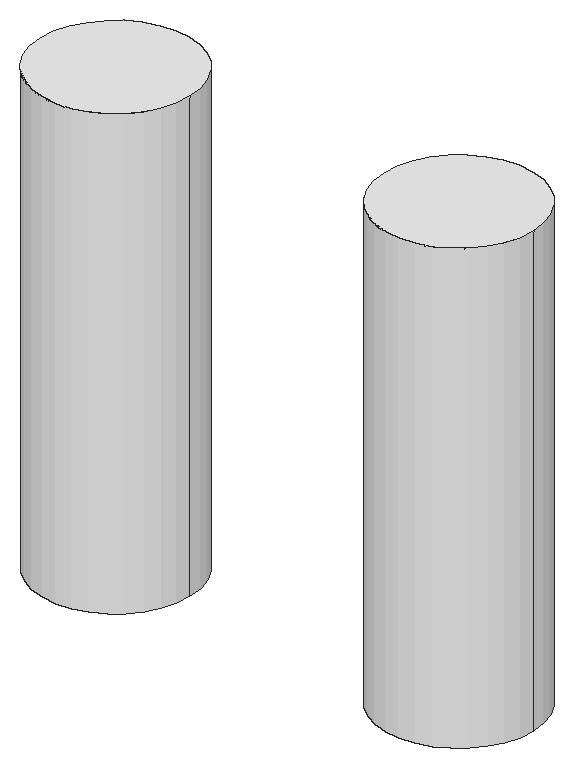
Revit family "523722673305(2023)", category Plumbing Fixtures, Revit 2020
Family settings
  Round Connector Dimension = Use Diameter
  Part Type = Normal
  OmniClass Number = 23.45.55.00
  OmniClass Title = Sanitary Faucets, Wastes
  Work Plane-Based = No
  Always vertical = Yes
  Cut with Voids When Loaded = No
  Shared = No
  Room Calculation Point = No
Parameters (values of type "523722673305 Washbasin faucet")
  Working Pressure = "50 - 1000 kPa"
  WarrantyStartDate [instance] = "n/a"
  WarrantyGuarantorParts = "n/a"
  WarrantyGuarantorLabor = "n/a"
  WarrantyDurationUnit = "Year"
  WarrantyDurationParts = "n/a"
  WarrantyDurationLabor = "n/a"
  WarrantyDescription = "http://warranty.hansa.com"
  Warranty Information URL = "http://warranty.hansa.com"
  VersionDate = "17/01/2024"
  Version = "1"
  ValvePattern = "n/a"
  ValveOperation = "n/a"
  ValveMechanism = "n/a"
  Uniclass2015Reference = "Pr_40_20_87_96"
  Uniclass2015Description = "Washbasin manual water supply sets"
  Uniclass2 = "Pr_40_30_96_96"
  URL UWL = "http://static.hansa.com/UWL/523722673305"
  URL REACH = "http://static.hansa.com/doc/reach"
  URL Materials Declaration = "http://www.hansa.com/fileadmin/resources/185579_523722673305_materialsdeclaration.pdf"
  URL EcoLabel Declaration = "http://static.hansa.com/doc/EcoLabel"
  URL EU Packaging Declaration = "http://static.hansa.com/doc/packaging"
  URL Declaration of SCIP = "http://static.hansa.com/doc/SCIP"
  URL Declaration of Conformity = "http://static.hansa.com/DoC/523722673305"
  URL Declaration of Asbestos = "http://static.hansa.com/doc/asbestos"
  URL Declaration Of Performance (DOP) = "http://static.hansa.com/doc/DoP"
  URL = ""
  UNSPSC Class Number = "30181700 Faucets or taps"
  Type Comments = ""
  TestPressure = "n/a"
  Temperature Adjustments = "Limitation option for maximum temperature and flow-rate "
  Technical DataSheet URL = "http://www.hansa.com/datasheet/523722673305/en"
  TagNumber [instance] = "n/a"
  SustainabilityPerformance = "n/a"
  Surface treatment = "Matt black"
  Spout Type = "Fixed spout"
  Spout Projection = "114 mm"
  Size = "50x150x190 mm"
  Shape = "Sculptured"
  SerialNumber [instance] = "n/a"
  Sales Package dimensions (LxWxH) = "380 x 180 x 74"
  Revision = "n/a"
  ReplacementCost = "n/a"
  ProductInformation = "n/a"
  Product URL = "http://static.hansa.com/523722673305"
  Product Image URL = "http://static.hansa.com/image/523722673305"
  Product Family = "HANSAVANTIS "
  Product Code = "523722673305"
  OperatingMechanismMaterial = "n/a"
  NominalWidth = 46.441 mm
  NominalHeight = 188.5 mm
  NominalDepth = 148.37 mm
  Noise Class = "I (ISO 3822)"
  Name_en = "523722673305 Washbasin faucet"
  Name = "523722673305 Washbasin faucet"
  NBSReference = "45-35-70/371"
  NBSDescription = "Water supply fittings for wash basins and troughs"
  ModelReference = "523722673305"
  ModelNumber = "n/a"
  Model = "523722673305 Washbasin faucet"
  Mobile Product Information URL = "http://mpi.hansa.com/523722673305"
  Mechanical Parts = "30Cartridge"
  Max. Hot Water Supply = 70 °C
  Material = "Brass"
  Market = "International;Germany;Austria;Belgium;Netherlands;Czech Republic;Slovakia;Italy"
  ManufacturerURL = "http://www.hansa.com"
  ManufacturerName = "HANSA"
  Manufacturer = "HANSA"
  Lever Handle = "Single operating lever/handle;Pin shape;Hot/Cold symbols"
  Keynote = ""
  Interactive AR View URL = "https://static.hansa.com/AR/523722673305"
  InstallationDate [instance] = "n/a"
  Installation and Maintenance Guide URL = "http://static.hansa.com/manual/523722673305"
  Installation Type = "Deck mounted"
  InletConnectionSize = 10 mm
  IfcExportType = "FAUCET"  # constant formula
  IfcExportAs = "IfcValveType"  # constant formula
  Group = "Washbasin faucet"
  Grade = "n/a"
  FlowCoefficient = 0
  Flow Rate At 300kPa With Flow Controller = 0.07 L/s
  Flow Drawing URL = "http://static.hansa.com/flowchart/523722673305"
  Finish = "Polished"
  Features = "Single-lever"
  FaucetMainMaterial = Brass
  FDV Document URL = "http://www.hansa.com/datasheet/523722673305/en/fdv"
  ExpectedLife = "n/a"
  ETIM Class Number = "EC011328 Washbasin mixing tap"
  EN Standard = "EN 817"
  EAN Number = "4057304020094"
  DurationUnit = "Year"
  Dimension Drawing URL = "http://static.hansa.com/dimdrw/523722673305"
  Description = ""
  DefaultElevation [instance] = 900 mm
  Default Elevation = 0 mm
  Constituents = "n/a"
  Connection Size = "G3/8"
  Connection = "Flexible inlet pipes"
  Color = "Matt black"
  CodePerformance = "n/a"
  CloseOffRating = 0
  Catalog Drawing URL = "http://static.hansa.com/catdrw/523722673305"
  Brand = "HANSA"
  BodyMaterial = "Brass"
  Barcode [instance] = "n/a"
  Backflow Prevention EN1717 = "AA"
  BIMObjectName = "523722673305(2023)"
  Author = "BIMStone"
  AssetType = "Fixed"
  AssetIdentifier [instance] = "n/a"
  Aerator = "PCA® - constant flow rate regardless of pressure variations"
  Advanced Features = "Inner body made of DZR brass;3S-installation system for safe and simple mounting"
  AccessibilityPerformance = "n/a"
  3D View = "https://static.hansa.com/AR/523722673305"
  2D/3D/BIM Files URL = "http://static.hansa.com/bim/523722673305"
Reference planes
  plane 1 "Center (Front/Back)": y = 0
  plane 2: z = 0
  plane 3 "Center (Left/Right)": x = 0
  plane 4: x = -23.22
  plane 5: z = 900
  plane 6: z = 870
  plane 7: y = -148.37
  plane 8: x = 23.22
  plane 9: z = 1088.5
Forms (mm)
  Extrusion 1, solid, material "Brass" <- "FaucetMainMaterial"
    sketch origin (0, -0.77, 0) x (1, 0, 0) y (0, 1, 0)
      loop
        circle (-11.5, -22.5) r 5
      loop
        circle (11.5, -22.5) r 5
    from 870 to 900
Dimensions and locks
  "DefaultElevation": plane 5 to level
  locked: plane 5 to plane 6 at 30
  "NominalDepth": plane 7 to plane 1 "Center (Front/Back)"
  equal spacing: plane 4, plane 3 "Center (Left/Right)", plane 8
  "NominalHeight": plane 9 to plane 5
  "NominalWidth": plane 4 to plane 8
  "InletConnectionSize": diameter of Extrusion 1 sketch curve  (x2)
  aligned and locked: level to plane 2
  aligned and locked: plane 5 to Extrusion 1
  aligned and locked: Extrusion 1 to plane 6
  aligned and locked: plane 3 "Center (Left/Right)" to nested 1
  aligned and locked: plane 1 "Center (Front/Back)" to nested 1
  aligned and locked: plane 5 to nested 2
  aligned and locked: plane 9 to nested 2
Automatic sketch dimensions
  Extrusion 1 sketch curve to plane 3 "Center (Left/Right)" = 11.5 mm
  plane 3 "Center (Left/Right)" to Extrusion 1 sketch curve = 11.5 mm
  plane 1 "Center (Front/Back)" to Extrusion 1 sketch curve = 23.27 mm  (x2)
Nested families
  nested 1: "Symbol" at (0, 0, 0), type "Symbol", detail levels coarse
  nested 2: "523722673305(2023)_Body" at (0, 0, 900), main material <- "FaucetMainMaterial", type "523722673305(2023)"
    with main material Brass
Connectors
  piping at (-11.5, -23.27, 870), diameter 10, driven by "InletConnectionSize"
    settings: on Extrusion 1, index 1, connector inside diameter 609.6 mm, connector length 0 mm, flow factor 0, pipe flow 0.2 L/s, pressure drop 0.0 Pa, fitting loss kfactor 0, connector angle 0.00°, fixture units 0, engagement length 0 mm, angle of deflection 0.00°, flow configuration 1, flow direction 1, fitting loss method 0, system type 19, joint type 0, gender type 0, connector reference index -1, connector utility 0, adjustable connector no, is connector primary yes, connector description ""
  piping at (11.5, -23.27, 870), diameter 10, driven by "InletConnectionSize"
    settings: on Extrusion 1, index 2, connector inside diameter 609.6 mm, connector length 0 mm, flow factor 0, pipe flow 0.2 L/s, pressure drop 0.0 Pa, fitting loss kfactor 0, connector angle 0.00°, fixture units 0, engagement length 0 mm, angle of deflection 0.00°, flow configuration 1, flow direction 1, fitting loss method 0, system type 20, joint type 0, gender type 0, connector reference index -1, connector utility 0, adjustable connector no, is connector primary no, connector description ""
Definition of nested family "Symbol"
  Reference planes
    plane 1: y = 0
    plane 2: x = 0
  Lines and regions (mm)
    detail lines
      curve 1: line (0, 0, 0) -> (0, -1.8, 0)
      curve 2: line (-0.4, -1.1, 0) -> (0.4, -1.1, 0)
      curve 3: line (-0.4, -1.4, 0) -> (0.4, -1.4, 0)
      curve 4: line (0.863, 0, 0) -> (-0.863, 0, 0)
      curve 5: circle (-1.163, 0, 0) r 0.3 normal (0, 0, -1)
      curve 6: circle (1.163, 0, 0) r 0.3 normal (0, 0, 1)
Definition of nested family "523722673305(2023)_Body"
  Parameters (values of type "2605AF(2022).p")
    main material [instance] = none
    Default Elevation = 0 mm
  Types (2): name
    2605AF(2022).p
    2605F(2022)Body
  Reference planes
    plane 1 "Center (Front/Back)": y = 0
    plane 2: z = 0
    plane 3 "Center (Left/Right)": x = 0
    plane 4: x = -23.265
    plane 5: x = 23.265
    plane 6: y = -148.456
    plane 7: z = 188.5
  Forms (mm)
    Revolve 1, solid, material <- "main material", detail levels medium
      sketch origin (0, 0, 0) x (0, 1, 0) y (0, 0, 1)
        loop
          line (-23.384, 188.5) -> (-23.384, 0) -> (0, 0) -> (0, 188.5) -> (-23.384, 188.5)
        axis (-23.384, 0) -> (-23.384, 188.5)
      angle from 0 to 360
    Revolve 2, solid, material <- "main material", detail levels medium
      sketch origin (0, 0, 2.5) x (0, 1, 0) y (0, 0, 1)
        loop
          line (-37.153, 125.674) -> (-41.564, 142.137) -> (-148.456, 109.457) -> (-143.476, 93.168) -> (-37.153, 125.674)
        axis (-36.585, 125.848) -> (-143.476, 93.168)
      angle from 0 to 360
    Extrusion 3, solid, material <- "main material", detail levels medium
      sketch origin (0, 0, 0) x (0, 1, 0) y (0, 0, 1)
        loop
          line (-110.885, 178.5) -> (-35.885, 178.5) -> (-35.885, 188.5) -> (-110.885, 188.5) -> (-110.885, 178.5)
      from -4.796 to 4.796
    Extrusion 4, solid, material <- "main material", detail levels coarse
      sketch origin (0, 0, 0) x (0, 1, 0) y (0, 0, 1)
        loop
          line (-148.456, 188.5) -> (-148.456, 0) -> (0, 0) -> (0, 188.5) -> (-148.456, 188.5)
      from -23.265 to 23.265
  Lines and regions (mm)
    symbolic lines, detail levels medium+fine
      curve 1: arc (0, 0, 0) -> (-20.142, -11.621, 0) -> (-20.161, -34.875, 0) r 23.265
      curve 2: line (-16.6, -53.181, 0) -> (-15.333, -133.171, 0)
      curve 3: arc (-15.333, -133.171, 0) -> (-10.842, -144.013, 0) -> (0, -148.503, 0) r 15.333
      curve 8: arc (-20.161, -34.875, 0) -> (-17.572, -43.871, 0) -> (-16.6, -53.181, 0) r 53.155
      curve 11: arc (0, 0, 0) -> (20.142, -11.621, 0) -> (20.161, -34.875, 0) r 23.265
      curve 12: line (16.6, -53.181, 0) -> (15.333, -133.171, 0)
      curve 13: arc (15.333, -133.171, 0) -> (10.842, -144.013, 0) -> (0, -148.503, 0) r 15.333
      curve 18: arc (20.161, -34.875, 0) -> (17.572, -43.871, 0) -> (16.6, -53.181, 0) r 53.155
      curve 67: line (0, 0, 0) -> (0, 0, 148.422)
      curve 68: arc (0, 0, 148.422) -> (0, -0.189, 148.851) -> (0, -0.634, 149) r 0.58
      curve 69: line (0, -0.634, 149) -> (0, -1.605, 149)
      curve 70: arc (0, -1.386, 149.269) -> (0, -2.584, 153.338) -> (0, -4.549, 157.097) r 21.749
      curve 71: arc (0, -1.605, 149) -> (0, -1.433, 149.083) -> (0, -1.386, 149.269) r 0.226
      curve 75: arc (0, -46.219, 150.976) -> (0, -46.536, 151.107) -> (0, -46.667, 151.423) r 0.447
      curve 76: arc (0, -44.968, 150.976) -> (0, -45.2, 150.13) -> (0, -45.354, 149.266) r 9.554
      curve 77: arc (0, -45.354, 149.266) -> (0, -45.306, 149.089) -> (0, -45.146, 149) r 0.236
      curve 78: line (0, -4.549, 157.097) -> (0, -0.332, 158.467)
      curve 79: arc (0, -0.332, 158.467) -> (0, -0.099, 158.632) -> (0, 0, 158.9) r 0.482
      curve 80: line (0, 0, 158.9) -> (0, 0, 187.012)
      curve 81: arc (0, 0, 187.012) -> (0, -0.456, 188.084) -> (0, -1.545, 188.5) r 1.489
      curve 82: line (0, -1.545, 188.5) -> (0, -108.914, 188.5)
      curve 83: spline (0, -108.914, 188.5) -> (0, -109.424, 188.323) -> (0, -109.9, 187.802) -> (0, -110.308, 186.974) -> (0, -110.621, 185.896) -> (0, -110.818, 184.639) -> (0, -110.885, 183.291) -> (0, -110.818, 181.943) -> (0, -110.621, 180.687) -> (0, -110.308, 179.608) -> (0, -109.9, 178.78) -> (0, -109.424, 178.26) -> (0, -108.914, 178.083)
      curve 84: line (0, -108.914, 178.083) -> (0, -51.936, 178.083)
      curve 85: arc (0, -51.936, 178.083) -> (0, -50.333, 177.962) -> (0, -48.766, 177.604) r 10.739
      curve 86: arc (0, -48.766, 177.604) -> (0, -47.549, 176.822) -> (0, -46.912, 175.524) r 2.695
      curve 87: arc (0, -46.912, 175.524) -> (0, -46.677, 173.915) -> (0, -46.573, 172.292) r 20.244
      curve 88: line (0, -46.573, 172.292) -> (0, -46.667, 151.423)
      curve 89: line (0, 0, 0) -> (0, -46.54, 0)
      curve 90: line (0, -46.54, 0) -> (0, -46.54, 90)
      curve 91: arc (0, -46.54, 90) -> (0, -51.18, 99.962) -> (0, -61.791, 102.82) r 13.014
      curve 92: line (0, -61.791, 102.82) -> (0, -118.241, 89.229)
      curve 93: arc (0, -118.241, 89.229) -> (0, -120.573, 89.113) -> (0, -122.786, 89.857) r 6.285
      curve 94: line (0, -122.786, 89.857) -> (0, -124.622, 91.346)
      curve 95: line (0, -124.622, 91.346) -> (0, -125.518, 89.999)
      curve 96: line (0, -125.518, 89.999) -> (0, -126.351, 90.553)
      curve 97: line (0, -126.351, 90.553) -> (0, -128.478, 87.353)
      curve 98: line (0, -128.478, 87.353) -> (0, -146.821, 99.547)
      curve 99: line (0, -146.821, 99.547) -> (0, -144.608, 102.876)
      curve 100: line (0, -144.608, 102.876) -> (0, -145.446, 103.433)
      curve 101: line (0, -145.446, 103.433) -> (0, -143.098, 106.966)
      curve 102: line (0, -143.098, 106.966) -> (0, -147.859, 110.961)
      curve 103: arc (0, -147.859, 110.961) -> (0, -148.317, 111.572) -> (0, -148.456, 112.323) r 1.677
      curve 104: arc (0, -148.456, 112.323) -> (0, -148.012, 113.267) -> (0, -147.031, 113.621) r 1.363
      curve 105: line (0, -147.031, 113.621) -> (0, -56.938, 137.762)
      curve 106: arc (0, -56.938, 137.762) -> (0, -51.208, 140.745) -> (0, -47.275, 145.87) r 14.923
      curve 107: arc (0, -46.219, 149) -> (0, -46.551, 148.878) -> (0, -46.725, 148.571) r 0.513
      curve 108: arc (0, -47.275, 145.87) -> (0, -46.841, 147.188) -> (0, -46.725, 148.571) r 5.91
      curve 112: line (0, -45.146, 149) -> (0, -46.219, 149)
      curve 113: line (0, -44.968, 150.976) -> (0, -46.219, 150.976)
    symbolic lines, detail levels fine
      curve 4: line (0, -110.885, 0) -> (-3.25, -110.885, 0)
      curve 5: arc (-3.25, -110.885, 0) -> (-4.651, -110.305, 0) -> (-5.231, -108.904, 0) r 1.981
      curve 6: line (-5.231, -108.904, 0) -> (-5.231, -53.904, 0)
      curve 7: arc (-5.231, -53.904, 0) -> (-6.961, -47.755, 0) -> (-11.642, -43.408, 0) r 11.797
      curve 9: arc (-20.161, -34.875, 0) -> (-16.464, -39.703, 0) -> (-11.642, -43.408, 0) r 23.265
      curve 10: arc (-11.642, -43.408, 0) -> (-6.027, -45.736, 0) -> (0, -46.531, 0) r 23.265
      curve 14: line (0, -110.885, 0) -> (3.25, -110.885, 0)
      curve 15: arc (3.25, -110.885, 0) -> (4.651, -110.305, 0) -> (5.231, -108.904, 0) r 1.981
      curve 16: line (5.231, -108.904, 0) -> (5.231, -53.904, 0)
      curve 17: arc (5.231, -53.904, 0) -> (6.961, -47.755, 0) -> (11.642, -43.408, 0) r 11.797
      curve 19: arc (20.161, -34.875, 0) -> (16.464, -39.703, 0) -> (11.642, -43.408, 0) r 23.265
      curve 20: arc (11.642, -43.408, 0) -> (6.027, -45.736, 0) -> (0, -46.531, 0) r 23.265
      curve 72: line (0, -4.549, 157.097) -> (0, -21.953, 151.442)
      curve 73: arc (0, -21.953, 151.442) -> (0, -23.41, 151.093) -> (0, -24.903, 150.976) r 9.533
      curve 74: line (0, -24.903, 150.976) -> (0, -44.968, 150.976)
      curve 109: arc (0, -46.54, 90) -> (0, -34.369, 118.249) -> (0, -35.071, 149) r 72.149
      curve 110: line (0, -1.605, 149) -> (0, -35.071, 149)
      curve 111: line (0, -35.071, 149) -> (0, -45.146, 149)
      curve 114: line (0, -126.351, 90.553) -> (0, -144.608, 102.876)
      curve 115: line (0, -143.098, 106.966) -> (0, -124.622, 91.346)
    symbolic lines
      curve 21: line (0, 0, 0) -> (-23.265, 0, 0)
      curve 22: line (-23.265, 0, 0) -> (-23.265, 0, 148.417)
      curve 23: arc (-23.265, 0, 148.417) -> (-23.118, 0, 148.806) -> (-22.75, 0, 149) r 0.588
      curve 24: line (-22.75, 0, 149) -> (-21.775, 0, 149)
      curve 25: line (-21.997, 0, 149.266) -> (-21.554, 0, 151.039)
      curve 26: arc (-21.775, 0, 149) -> (-21.954, 0, 149.077) -> (-21.997, 0, 149.266) r 0.214
      curve 27: line (-21.554, 0, 151.039) -> (0, 0, 151.039)
      curve 28: line (-21.554, 0, 151.039) -> (-22.795, 0, 151.039)
      curve 29: arc (-22.795, 0, 151.039) -> (-23.159, 0, 151.207) -> (-23.265, 0, 151.594) r 0.477
      curve 30: line (-23.265, 0, 151.594) -> (-23.265, 0, 187)
      curve 31: arc (-23.265, 0, 187) -> (-22.81, 0, 188.076) -> (-21.721, 0, 188.5) r 1.501
      curve 32: line (-21.721, 0, 188.5) -> (0, 0, 188.5)
      curve 33: arc (0, 0, 188.5) -> (-5.5, 0, 183) -> (0, 0, 177.5) r 5.5
      curve 34: arc (0, 0, 186.59) -> (-3.284, 0, 183.306) -> (0, 0, 180.023) r 3.284
      curve 35: arc (-11.549, 0, 188.5) -> (-10.096, 0, 177.413) -> (0, 0, 172.604) r 11.706
      curve 36: line (-15.281, 0, 102.555) -> (-16.268, 0, 120.327)
      curve 37: arc (-16.268, 0, 120.327) -> (-11.822, 0, 132.35) -> (0, 0, 137.309) r 16.091
      curve 38: arc (-11.829, 0, 93.398) -> (-14.259, 0, 97.711) -> (-15.281, 0, 102.555) r 16.29
      curve 39: spline (0, 0, 100.894) -> (-3.065, 0, 100.65) -> (-5.921, 0, 99.934) -> (-8.373, 0, 98.795) -> (-10.255, 0, 97.31) -> (-11.438, 0, 95.582) -> (-11.841, 0, 93.727) -> (-11.438, 0, 91.872) -> (-10.255, 0, 90.143) -> (-8.373, 0, 88.659) -> (-5.921, 0, 87.52) -> (-3.065, 0, 86.804) -> (0, 0, 86.56)
      curve 40: arc (-15.281, 0, 102.555) -> (-9.637, 0, 110.781) -> (0, 0, 113.36) r 14.389
      curve 41: line (0, 0, 0) -> (23.265, 0, 0)
      curve 42: line (23.265, 0, 0) -> (23.265, 0, 148.417)
      curve 43: arc (23.265, 0, 148.417) -> (23.118, 0, 148.806) -> (22.75, 0, 149) r 0.588
      curve 44: line (22.75, 0, 149) -> (21.785, 0, 149)
      curve 45: line (21.997, 0, 149.266) -> (21.554, 0, 151.039)
      curve 46: line (21.554, 0, 151.039) -> (0, 0, 151.039)
      curve 47: line (21.554, 0, 151.039) -> (22.795, 0, 151.039)
      curve 48: arc (22.795, 0, 151.039) -> (23.159, 0, 151.207) -> (23.265, 0, 151.594) r 0.477
      curve 49: line (23.265, 0, 151.594) -> (23.265, 0, 187)
      curve 50: arc (23.265, 0, 187) -> (22.81, 0, 188.076) -> (21.721, 0, 188.5) r 1.501
      curve 51: line (21.721, 0, 188.5) -> (0, 0, 188.5)
      curve 52: arc (0, 0, 188.5) -> (5.5, 0, 183) -> (0, 0, 177.5) r 5.5
      curve 53: arc (0, 0, 186.59) -> (3.284, 0, 183.306) -> (0, 0, 180.023) r 3.284
      curve 54: arc (11.549, 0, 188.5) -> (10.096, 0, 177.413) -> (0, 0, 172.604) r 11.706
      curve 55: line (15.281, 0, 102.555) -> (16.268, 0, 120.327)
      curve 56: arc (16.268, 0, 120.327) -> (11.822, 0, 132.35) -> (0, 0, 137.309) r 16.091
      curve 57: arc (11.829, 0, 93.398) -> (14.259, 0, 97.711) -> (15.281, 0, 102.555) r 16.29
      curve 58: spline (0, 0, 100.894) -> (3.065, 0, 100.65) -> (5.921, 0, 99.934) -> (8.373, 0, 98.795) -> (10.255, 0, 97.31) -> (11.438, 0, 95.582) -> (11.841, 0, 93.727) -> (11.438, 0, 91.872) -> (10.255, 0, 90.143) -> (8.373, 0, 88.659) -> (5.921, 0, 87.52) -> (3.065, 0, 86.804) -> (0, 0, 86.56)
      curve 59: arc (15.281, 0, 102.555) -> (9.637, 0, 110.781) -> (0, 0, 113.36) r 14.389
      curve 60: arc (21.785, 0, 149) -> (21.957, 0, 149.081) -> (21.997, 0, 149.266) r 0.214
      curve 61: line (-21.775, 0, 149) -> (0, 0, 149)
      curve 62: line (21.785, 0, 149) -> (0, 0, 149)
      curve 63: arc (-17.488, 0, 97.615) -> (0.012, 0, 80.115) -> (17.512, 0, 97.615) r 17.5
      curve 64: line (-17.488, 0, 97.615) -> (-17.488, 0, 127.615)
      curve 65: line (17.512, 0, 97.615) -> (17.512, 0, 127.615)
      curve 66: arc (17.512, 0, 127.615) -> (0.012, 0, 145.115) -> (-17.488, 0, 127.615) r 17.5
  Dimensions and locks
    aligned and locked: level to plane 2
